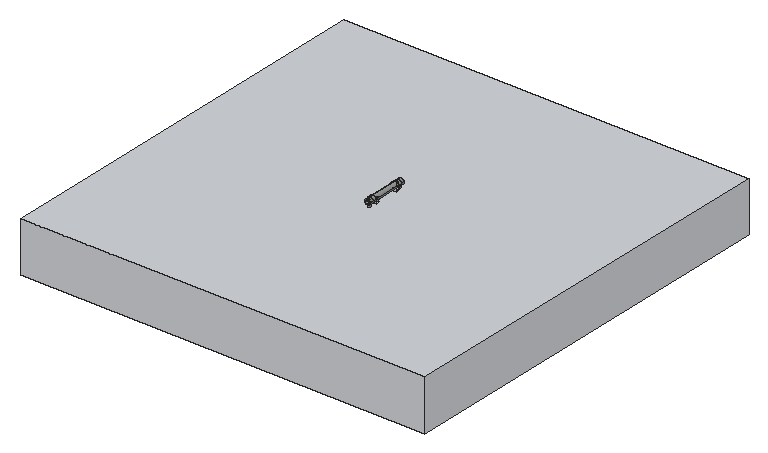
Revit family "L-line A 0.25", category Осветительные приборы, Revit 2017
Family settings
  Основа = Грань
  Размер круглого соединителя = Использовать диаметр
  Тип детали = Нормальный
  При загрузке вырезать с полостями = Нет
  Источник света = Да
  Общий = Нет
  Точка расчета площади = Нет
Parameters (values of type "L-line A 0.25 3.0 Д (матовый)")
  Расстояние от светильника до поверхности = 55.991 mm
  Описание = "Светодиодный светильник L-line A 0,25 предназначен для архитектурной подсветки зданий и сооружений различного назначения. Модули L-line A могут соединяться между собой в непрерывные линии длиной до 12 метров, что позволяет получить равномерную засветку по всей длине подключенных светильников. Соединение модулей осуществляется при помощи герметичных коннекторов."
  Lamp = ""
  Кривая сил света = "Д"
  Комментарии к типоразмеру = "Архитектурные"
  Wattage Comments = ""
  Wattage = 5.14333 W
  built-in parameter 1150110 = 1 (stored number, unit not read)
  built-in parameter 1114217 = 1 (stored number, unit not read)
  Tilt Angle = 90.00°
  built-in parameter 1150109 = 1 (stored number, unit not read)
  built-in parameter 1150134 = (empty or 0)
  built-in parameter 1150113 = 1 (stored number, unit not read)
  Файл фотометрической сетки = "L-line A 0.25-7-D-3.0K-03.ies"
  built-in parameter 1150142 = "IESNA:LM-63-1995\r\n[TEST]LEDEL\r\n[DATA]28.10.2017\r\n[MANUFAC]LEDEL\r\n[LUMCAT]L-line A 0.25/7/Д/3.0K/03\r\n[LUMINAIRE]Предназначен  для  архитектурной и декоративной  подсветки\r\n[LAMPCAT]LED\r\n[LAMP]OSRAM DURIS \r\nTILT=NONE\r\n\r\n\r\n1 764  0.2761113118901  37 19 1 2 0.25 0.042 0.043\r\n\r\n1 1 7.2\r\n\r\n 0 2.5 5 7.5 10 12.5 15 17.5 20 22.5 25 27.5 30 32.5 35 37.5 40 42.5 45 47.5\r\n 50 52.5 55 57.5 60 62.5 65 67.5 70 72.5 75 77.5 80 82.5 85 87.5 90\r\n\r\n  0 10 20 30 40 50 60 70 80 90 100 110 120 130 140 150\r\n  160 170 180\r\n\r\n  819 818 817 812 806 800 789 778 765 751 734 717 699 679 658\r\n  637 616 591 568 544 521 496 469 446 421 396 372 347 324 300\r\n  277 257 234 216 195 177 160\r\n  819 819 817 812 810 803 795 787 775 765 754 740 726 711 696\r\n  679 663 643 626 607 586 567 548 529 511 491 469 446 422 400\r\n  378 355 337 317 299 281 263\r\n  808 806 806 803 797 792 784 776 765 755 742 729 714 700 683\r\n  667 649 630 611 591 570 551 528 509 487 468 447 425 403 384\r\n  362 343 321 303 283 264 248\r\n  800 800 797 795 789 784 774 764 755 743 729 715 700 681 665\r\n  647 629 609 586 566 547 526 507 484 466 444 422 402 381 360\r\n  338 319 299 280 263 244 229\r\n  811 811 809 804 799 793 783 773 762 748 734 719 702 685 666\r\n  644 625 602 582 560 536 515 492 466 445 421 400 378 354 333\r\n  312 292 271 251 232 215 198\r\n  819 818 817 812 806 800 789 778 765 751 734 717 699 679 658\r\n  637 616 591 568 544 521 496 469 446 421 396 372 347 324 300\r\n  277 257 234 216 195 177 160\r\n  820 819 818 812 806 800 789 778 764 748 732 714 693 674 652\r\n  629 606 578 556 528 502 477 450 422 395 368 340 313 288 263\r\n  238 214 192 172 151 135 118\r\n  822 821 820 815 809 800 789 777 762 747 729 710 690 667 645\r\n  621 595 567 540 514 485 459 429 402 371 344 313 283 255 226\r\n  200 175 151 128 108 91 76\r\n  825 821 820 815 809 800 788 775 761 745 727 706 685 663 639\r\n  614 588 561 533 504 471 438 410 378 348 317 288 255 224 193\r\n  163 133 107 84 64 46 35\r\n  820 821 818 814 806 797 786 774 759 743 723 705 685 659 636\r\n  610 584 557 527 500 469 441 412 381 351 319 287 253 217 185\r\n  152 120 90 63 39 22 14\r\n  825 822 819 812 805 796 785 771 754 737 720 700 679 655 630\r\n  606 578 552 525 496 469 438 410 379 347 316 285 252 222 189\r\n  159 129 103 80 60 42 31\r\n  822 821 817 811 806 796 786 773 756 739 722 701 682 659 635\r\n  611 586 559 533 504 477 448 419 390 360 330 300 271 241 216\r\n  188 162 138 118 99 83 66\r\n  820 819 815 810 803 795 784 771 756 740 723 707 688 665 642\r\n  619 597 572 545 518 493 466 438 411 383 355 329 301 274 250\r\n  225 203 181 161 141 126 109\r\n  819 818 814 810 803 795 786 773 759 746 731 714 694 674 655\r\n  633 611 587 563 540 515 488 463 437 412 386 362 338 313 289\r\n  267 247 225 206 187 169 152\r\n  811 811 806 802 795 788 779 770 756 743 729 713 696 677 658\r\n  638 617 595 573 550 528 504 480 458 433 411 387 364 343 320\r\n  299 279 258 240 222 203 186\r\n  800 800 800 795 787 780 773 765 756 741 723 708 693 677 658\r\n  641 619 599 579 558 536 515 493 472 452 429 408 386 367 345\r\n  324 306 288 267 249 231 215\r\n  808 807 805 803 797 789 783 774 764 753 739 727 712 697 680\r\n  660 642 623 604 584 562 541 521 499 477 455 435 413 393 373\r\n  353 332 313 292 274 257 240\r\n  819 819 817 812 810 803 795 786 774 763 753 739 726 708 693\r\n  675 658 641 620 601 583 562 540 519 499 477 454 435 413 390\r\n  370 349 329 311 294 274 256\r\n  819 818 814 810 803 795 786 773 759 746 731 714 694 674 655\r\n  633 611 587 563 540 515 488 463 437 412 386 362 338 313 289\r\n  267 247 225 206 187 169 152\r\n\r\n"
  built-in parameter 1150105 = 60.797 (stored number, unit not read)
  Lumens = 764 lm
  built-in parameter 1150115 = 1 (stored number, unit not read)
  built-in parameter 1150137 = (empty or 0)
  built-in parameter 1150139 = (empty or 0)
  built-in parameter 1150112 = 1 (stored number, unit not read)
  built-in parameter 1150114 = 1 (stored number, unit not read)
  built-in parameter 1150132 = 2
  Классификация нагрузок = Освещение
  built-in parameter 1150102 = (empty or 0)
  built-in parameter 1150107 = 3000 (stored number, unit not read)
  built-in parameter 1150138 = (empty or 0)
  built-in parameter 1150106 = 0.60797 (stored number, unit not read)
  Emit from Rectangle Width = 32 mm
  Emit from Rectangle Length = 250 mm
  Изготовитель = "LEDEL"
  Длина профиля = Emit from Rectangle Length  # 250 mm
  Emit Shape Visible in Rendering = no
  built-in parameter 1150104 = 13.8 (stored number, unit not read)
  Dimming Lamp Color Temperature Shift = (empty or 0)
  Default Elevation = 1219.2 mm
  Color Filter = 16777215
  built-in parameter 1114218 = 1 (stored number, unit not read)
  built-in parameter 1150133 = 10 (stored number, unit not read)
  Apparent Load = 7.2 VA  # constant formula
  Артикул = "711100700833100"
Reference planes
  plane 1 "Center (Front/Back)": y = 0
  plane 2: z = 0
  plane 3 "Center (Left/Right)": x = 0
Forms (mm)
  Extrusion 1, solid
    sketch origin (0, 0, 0) x (1, 0, 0) y (0, 1, 0)
      loop
        line (-1219.2, 1219.2) -> (-1219.2, -1219.2) -> (1219.2, -1219.2) -> (1219.2, 1219.2) -> (-1219.2, 1219.2)
    from 0 to -304.8
Dimensions and locks
  "Расстояние от светильника до поверхности": imposter light to Extrusion 1
  aligned and locked: plane 2 to Extrusion 1
  aligned and locked: level to Extrusion 1
Automatic sketch dimensions
  Extrusion 1 sketch curve to Extrusion 1 sketch curve = 2438.4 mm  (x2)
Nested families
  nested 1: "L-line A_body" at (0, 0, 0), type "L-line A_body"
    with Расстояние от светильника до плоскости 55.991 mm
Connectors
  electrical at (0, 0, 0), driven by "Apparent Load"
    settings: on Extrusion 1, index 1, voltage 230 V, apparent load 0 VA, apparent load phase1 7.2 VA, apparent load phase2 0 VA, apparent load phase3 0 VA, power factor 1, load classification "Прочее", number of poles 1, system type 31, power factor state 1, is connector primary yes, connector utility no, sub classification motor no, connector description ""
Definition of nested family "L-line A_body"
  Parameters (values of type "L-line A_body")
    Расстояние от светильника до плоскости = 150 mm
    Default Elevation = 1219.2 mm
    Начало выдавливания = Длина профиля / 2 * (-1)  # -125 mm
    Конец выдавливания = Длина профиля / 2  # 125 mm
    Драйвер, начальная точка = Длина профиля / (-2) + 2.5 mm  # -122.5 mm
    Драйвер, конечная точка = Длина профиля / 2 - 2.5 mm  # 122.5 mm
    Длина профиля = 250 mm
  Reference planes
    plane 1 "По центру (Вперед/Назад)": y = 0
    plane 2: z = 0
    plane 3 "По центру (Влево/Вправо)": x = 0
    plane 4 "Плоскость расположения светильника": z = 150
  Forms (mm)
    Extrusion 1, solid
      sketch origin (0, 0, 0) x (1, 0, 0) y (0, 1, 0)
        loop
          line (-1219.2, 1219.2) -> (-1219.2, -1219.2) -> (1219.2, -1219.2) -> (1219.2, 1219.2) -> (-1219.2, 1219.2)
      from 0 to -304.8
    Extrusion 2, solid
      sketch origin (-0.012, 0, 76.46) x (0, 0, 1) y (1, 0, 0)
        loop
          line (57.295, 0) -> (57.295, 14.224) -> (55.737, 14.224) -> (55.737, -14.176) -> (57.295, -14.176) -> (57.295, 0)
      from -122.5 <- "Драйвер, начальная точка" to 122.5 <- "Драйвер, конечная точка"
    Extrusion 3, solid
      sketch origin (-0.012, 0.083, 76.46) x (-1, 0, 0) y (0, 0, -1)
        loop
          circle (0, -56.539) r 16
        loop
          circle (0, -56.539) r 15
      from -125 <- "Начало выдавливания" to 125 <- "Конец выдавливания"
    Extrusion 4, solid
      sketch origin (-0.012, -122.5, 76.46) x (0, 0, -1) y (1, 0, 0)
        loop
          circle (-56.516, 0.024) r 17.4
        loop
          circle (-56.527, 0) r 16
      from -33.5 to -17.9
    Extrusion 5, solid
      sketch origin (-0.012, 122.5, 76.46) x (0, 0, 1) y (1, 0, 0)
        loop
          circle (56.516, 0.024) r 17.4
        loop
          circle (56.527, 0) r 16
      from -33.5 to -17.9
    Extrusion 6, solid
      sketch origin (-14.187, 0, 132.196) x (0, -1, 0) y (-1, 0, 0)
        loop
          circle (-115.7, -14.176) r 6.8
        loop
          circle (115.7, -14.176) r 6.8
      from 30 to 13
    Extrusion 7, solid
      sketch origin (-0.012, 125.083, 76.46) x (1, 0, 0) y (0, 0, -1)
        loop
          line (-17.974, -30.697) -> (-17.974, -33.843)
          arc (-17.974, -33.843) -> (-18.273, -34.564) -> (-18.993, -34.863) r 1.019
          line (-18.993, -34.863) -> (-19.884, -34.863)
          arc (-19.884, -34.863) -> (-20.613, -35.165) -> (-20.916, -35.895) r 1.032
          line (-20.916, -35.895) -> (-20.916, -38.827)
          arc (-20.916, -38.827) -> (-20.612, -39.559) -> (-19.88, -39.863) r 1.036
          line (-19.88, -39.863) -> (-18.974, -39.863)
          arc (-18.974, -39.863) -> (-18.267, -40.156) -> (-17.974, -40.863) r 1
          line (-17.974, -40.863) -> (-17.974, -47.034)
          arc (-17.974, -47.034) -> (-18.248, -47.869) -> (-18.963, -48.381) r 1.413
          arc (-18.963, -48.381) -> (-19.382, -48.8) -> (-18.963, -49.22) r 0.419
          arc (-18.963, -49.22) -> (-18.248, -49.731) -> (-17.974, -50.567) r 1.413
          line (-17.974, -50.567) -> (-17.925, -55.697)
          arc (-17.925, -55.697) -> (-17.113, -59.518) -> (-15.495, -63.074) r 18
          arc (-15.495, -63.074) -> (-15.394, -63.827) -> (-15.866, -64.423) r 0.971
          arc (-15.866, -64.423) -> (-16.042, -64.842) -> (-15.778, -65.212) r 0.466
          line (-15.778, -65.212) -> (-14.225, -63.863)
          arc (-14.225, -63.863) -> (-13.66, -48.207) -> (0, -40.539) r 16
          arc (0, -40.539) -> (13.66, -48.207) -> (14.225, -63.863) r 16
          line (14.225, -63.863) -> (15.778, -65.212)
          arc (15.778, -65.212) -> (16.042, -64.842) -> (15.866, -64.423) r 0.466
          arc (15.866, -64.423) -> (15.394, -63.827) -> (15.495, -63.074) r 0.971
          arc (15.495, -63.074) -> (17.113, -59.518) -> (17.974, -55.697) r 18
          line (17.974, -55.697) -> (17.974, -50.567)
          arc (17.974, -50.567) -> (18.248, -49.731) -> (18.963, -49.22) r 1.413
          arc (18.963, -49.22) -> (19.382, -48.8) -> (18.963, -48.381) r 0.419
          arc (18.963, -48.381) -> (18.248, -47.869) -> (17.974, -47.034) r 1.413
          line (17.974, -47.034) -> (17.974, -40.863)
          arc (17.974, -40.863) -> (18.267, -40.156) -> (18.974, -39.863) r 1
          line (18.974, -39.863) -> (19.867, -39.863)
          arc (19.867, -39.863) -> (20.599, -39.559) -> (20.903, -38.827) r 1.036
          line (20.903, -38.827) -> (20.903, -35.895)
          arc (20.903, -35.895) -> (20.601, -35.165) -> (19.871, -34.863) r 1.032
          line (19.871, -34.863) -> (18.993, -34.863)
          arc (18.993, -34.863) -> (18.273, -34.564) -> (17.974, -33.843) r 1.019
          line (17.974, -33.843) -> (17.974, -30.697) -> (0, -30.697) -> (-17.974, -30.697)
      from -43.6 to -55.6
    Extrusion 8, solid
      sketch origin (-0.012, -124.917, 76.46) x (-1, 0, 0) y (0, 0, -1)
        loop
          line (17.974, -30.697) -> (0, -30.697) -> (-17.974, -30.697) -> (-17.974, -33.843)
          arc (-17.974, -33.843) -> (-18.273, -34.564) -> (-18.993, -34.863) r 1.019
          line (-18.993, -34.863) -> (-19.871, -34.863)
          arc (-19.871, -34.863) -> (-20.601, -35.165) -> (-20.903, -35.895) r 1.032
          line (-20.903, -35.895) -> (-20.903, -38.827)
          arc (-20.903, -38.827) -> (-20.599, -39.559) -> (-19.867, -39.863) r 1.036
          line (-19.867, -39.863) -> (-18.974, -39.863)
          arc (-18.974, -39.863) -> (-18.267, -40.156) -> (-17.974, -40.863) r 1
          line (-17.974, -40.863) -> (-17.974, -47.034)
          arc (-17.974, -47.034) -> (-18.248, -47.869) -> (-18.963, -48.381) r 1.413
          arc (-18.963, -48.381) -> (-19.382, -48.8) -> (-18.963, -49.22) r 0.419
          arc (-18.963, -49.22) -> (-18.248, -49.731) -> (-17.974, -50.567) r 1.413
          line (-17.974, -50.567) -> (-17.974, -55.697)
          arc (-17.974, -55.697) -> (-17.113, -59.518) -> (-15.495, -63.074) r 18
          arc (-15.495, -63.074) -> (-15.394, -63.827) -> (-15.866, -64.423) r 0.971
          arc (-15.866, -64.423) -> (-16.042, -64.842) -> (-15.778, -65.212) r 0.466
          line (-15.778, -65.212) -> (-14.225, -63.863)
          arc (-14.225, -63.863) -> (-13.66, -48.207) -> (0, -40.539) r 16
          arc (0, -40.539) -> (13.66, -48.207) -> (14.225, -63.863) r 16
          line (14.225, -63.863) -> (15.778, -65.212)
          arc (15.778, -65.212) -> (16.042, -64.842) -> (15.866, -64.423) r 0.466
          arc (15.866, -64.423) -> (15.394, -63.827) -> (15.495, -63.074) r 0.971
          arc (15.495, -63.074) -> (17.113, -59.518) -> (17.925, -55.697) r 18
          line (17.925, -55.697) -> (17.974, -50.567)
          arc (17.974, -50.567) -> (18.248, -49.731) -> (18.963, -49.22) r 1.413
          arc (18.963, -49.22) -> (19.382, -48.8) -> (18.963, -48.381) r 0.419
          arc (18.963, -48.381) -> (18.248, -47.869) -> (17.974, -47.034) r 1.413
          line (17.974, -47.034) -> (17.974, -40.863)
          arc (17.974, -40.863) -> (18.267, -40.156) -> (18.974, -39.863) r 1
          line (18.974, -39.863) -> (19.88, -39.863)
          arc (19.88, -39.863) -> (20.612, -39.559) -> (20.916, -38.827) r 1.036
          line (20.916, -38.827) -> (20.916, -35.895)
          arc (20.916, -35.895) -> (20.613, -35.165) -> (19.884, -34.863) r 1.032
          line (19.884, -34.863) -> (18.993, -34.863)
          arc (18.993, -34.863) -> (18.273, -34.564) -> (17.974, -33.843) r 1.019
          line (17.974, -33.843) -> (17.974, -30.697)
      from -43.6 to -55.6
  Cuts and joins
    joined: Extrusion 3, Extrusion 6
  Dimensions and locks
    "Расстояние от светильника до плоскости": plane 4 "Плоскость расположения светильника" to Extrusion 1
    aligned and locked: plane 2 to Extrusion 1
    aligned and locked: level to Extrusion 1
  Automatic sketch dimensions
    Extrusion 1 sketch curve to Extrusion 1 sketch curve = 2438.4 mm  (x2)
    Extrusion 3 sketch curve to plane 3 "По центру (Влево/Вправо)" = 0.012 mm
    Extrusion 3 sketch curve to plane 4 "Плоскость расположения светильника" = 17.002 mm
    Extrusion 3 sketch curve to Extrusion 3 sketch curve = 0 mm  (x2)
    Extrusion 2 sketch curve to plane 4 "Плоскость расположения светильника" = 17.804 mm
    Extrusion 2 sketch curve to Extrusion 2 sketch curve = 1.558 mm
    Extrusion 2 sketch curve to plane 3 "По центру (Влево/Вправо)" = 14.187 mm
    Extrusion 2 sketch curve to plane 3 "По центру (Влево/Вправо)" = 0.012 mm
    plane 3 "По центру (Влево/Вправо)" to Extrusion 2 sketch curve = 14.213 mm
    Extrusion 6 sketch curve to Extrusion 2 = 6.8 mm  (x2)
    Extrusion 2 to Extrusion 6 sketch curve = 14.176 mm  (x2)
    Extrusion 7 sketch curve to Extrusion 7 sketch curve = 0 mm  (x11)
    Extrusion 7 sketch curve to Extrusion 7 sketch curve = 0.016 mm
    Extrusion 7 sketch curve to Extrusion 7 sketch curve = 14.225 mm  (x2)
    Extrusion 7 sketch curve to Extrusion 7 sketch curve = 1.353 mm  (x2)
    Extrusion 7 sketch curve to Extrusion 7 sketch curve = 0.199 mm  (x2)
    Extrusion 7 sketch curve to Extrusion 7 sketch curve = 0.751 mm  (x2)
    Extrusion 7 sketch curve to Extrusion 7 sketch curve = 17.974 mm  (x2)
    Extrusion 7 sketch curve to Extrusion 7 sketch curve = 0.989 mm  (x2)
    Extrusion 7 sketch curve to Extrusion 7 sketch curve = 1 mm  (x2)
    Extrusion 7 sketch curve to Extrusion 7 sketch curve = 1.019 mm  (x2)
    Extrusion 7 sketch curve to Extrusion 7 sketch curve = 1.413 mm  (x2)
    Extrusion 7 sketch curve to Extrusion 7 sketch curve = 0.424 mm  (x2)
    Extrusion 7 sketch curve to Extrusion 7 sketch curve = 0.905 mm
    Extrusion 7 sketch curve to Extrusion 7 sketch curve = 0.89 mm
    Extrusion 7 sketch curve to Extrusion 7 sketch curve = 1.032 mm
    Extrusion 7 sketch curve to Extrusion 7 sketch curve = 0.033 mm
    Extrusion 7 sketch curve to Extrusion 7 sketch curve = 0.893 mm
    Extrusion 7 sketch curve to Extrusion 7 sketch curve = 0.878 mm
    Extrusion 7 sketch curve to Extrusion 7 sketch curve = 1.036 mm
    Extrusion 7 sketch curve to Extrusion 7 sketch curve = 0.928 mm  (x2)
    Extrusion 7 sketch curve to Extrusion 7 sketch curve = 0.422 mm  (x2)
    Extrusion 7 sketch curve to Extrusion 7 sketch curve = 1.22 mm  (x2)
    Extrusion 7 sketch curve to Extrusion 7 sketch curve = 2.652 mm
    Extrusion 7 sketch curve to Extrusion 7 sketch curve = 13.003 mm  (x2)
    Extrusion 7 sketch curve to Extrusion 7 sketch curve = 0.419 mm  (x2)
    Extrusion 7 sketch curve to Extrusion 7 sketch curve = 6.171 mm  (x2)
    Extrusion 7 sketch curve to Extrusion 7 sketch curve = 2.932 mm  (x2)
    Extrusion 7 sketch curve to Extrusion 7 sketch curve = 3.147 mm
    Extrusion 7 sketch curve to Extrusion 7 sketch curve = 0.835 mm  (x2)
    Extrusion 7 sketch curve to Extrusion 7 sketch curve = 0.049 mm  (x2)
    Extrusion 8 sketch curve to Extrusion 8 sketch curve = 0 mm  (x11)
    Extrusion 8 sketch curve to Extrusion 8 sketch curve = 0.016 mm
    Extrusion 8 sketch curve to Extrusion 8 sketch curve = 14.225 mm  (x2)
    Extrusion 8 sketch curve to Extrusion 8 sketch curve = 1.353 mm  (x2)
    Extrusion 8 sketch curve to Extrusion 8 sketch curve = 0.199 mm  (x2)
    Extrusion 8 sketch curve to Extrusion 8 sketch curve = 0.751 mm  (x2)
    Extrusion 8 sketch curve to Extrusion 8 sketch curve = 17.974 mm  (x2)
    Extrusion 8 sketch curve to Extrusion 8 sketch curve = 0.989 mm  (x2)
    Extrusion 8 sketch curve to Extrusion 8 sketch curve = 1 mm  (x2)
    Extrusion 8 sketch curve to Extrusion 8 sketch curve = 1.019 mm  (x2)
    Extrusion 8 sketch curve to Extrusion 8 sketch curve = 0.424 mm  (x2)
    Extrusion 8 sketch curve to Extrusion 8 sketch curve = 0.893 mm
    Extrusion 8 sketch curve to Extrusion 8 sketch curve = 0.878 mm
    Extrusion 8 sketch curve to Extrusion 8 sketch curve = 1.032 mm  (x2)
    Extrusion 8 sketch curve to Extrusion 8 sketch curve = 0.033 mm
    Extrusion 8 sketch curve to Extrusion 8 sketch curve = 1.413 mm  (x2)
    Extrusion 8 sketch curve to Extrusion 8 sketch curve = 0.905 mm
    Extrusion 8 sketch curve to Extrusion 8 sketch curve = 0.89 mm
    Extrusion 8 sketch curve to Extrusion 8 sketch curve = 0.928 mm  (x2)
    Extrusion 8 sketch curve to Extrusion 8 sketch curve = 0.422 mm  (x2)
    Extrusion 8 sketch curve to Extrusion 8 sketch curve = 1.22 mm  (x2)
    Extrusion 8 sketch curve to Extrusion 8 sketch curve = 2.652 mm
    Extrusion 8 sketch curve to Extrusion 8 sketch curve = 13.003 mm  (x2)
    Extrusion 8 sketch curve to Extrusion 8 sketch curve = 0.419 mm  (x2)
    Extrusion 8 sketch curve to Extrusion 8 sketch curve = 6.171 mm  (x2)
    Extrusion 8 sketch curve to Extrusion 8 sketch curve = 2.932 mm  (x2)
    Extrusion 8 sketch curve to Extrusion 8 sketch curve = 3.147 mm
    Extrusion 8 sketch curve to Extrusion 8 sketch curve = 0.835 mm  (x2)
    Extrusion 8 sketch curve to Extrusion 8 sketch curve = 0.049 mm  (x2)
    Extrusion 2 to Extrusion 4 sketch curve = 0.779 mm
    Extrusion 4 sketch curve to Extrusion 4 sketch curve = 0.011 mm
    Extrusion 2 to Extrusion 4 sketch curve = 14.176 mm
    Extrusion 4 sketch curve to Extrusion 4 sketch curve = 0.024 mm
    Extrusion 5 sketch curve to Extrusion 2 = 0.779 mm
    Extrusion 5 sketch curve to Extrusion 5 sketch curve = 0.011 mm
    Extrusion 5 sketch curve to Extrusion 2 = 14.176 mm
    Extrusion 5 sketch curve to Extrusion 5 sketch curve = 0.024 mm
    radius of Extrusion 3 sketch curve = 16 mm
    radius of Extrusion 3 sketch curve = 15 mm
    radius of Extrusion 6 sketch curve = 6.8 mm  (x2)
    radius of Extrusion 7 sketch curve to Extrusion 3 = 0 mm
    radius of Extrusion 8 sketch curve to Extrusion 3 = 0 mm
    radius of Extrusion 4 sketch curve = 17.4 mm
    radius of Extrusion 4 sketch curve = 16 mm
    radius of Extrusion 5 sketch curve = 17.4 mm
    radius of Extrusion 5 sketch curve = 16 mm
Types (6, lengths in mm): name | Расстояние от светильника до поверхности | Wattage | built-in parameter 1150134 | Файл фотометрической сетки | built-in parameter 1150142 | built-in parameter 1150105 | Lumens | built-in parameter 1150107 | built-in parameter 1150106 | Артикул
  L-line A 0.25 3.0К Д (прозрачный) | 55.991 | 5.71556 W | (empty or 0) | "L-line A 0.25-7-D-3.0K-01.ies" | "IESNA:LM-63-1995\r\n[TEST]LEDEL\r\n[DATA]28.10.2017\r\n[MANUFAC]LEDEL\r\n[LUMCAT]L-line A 0.25/7/Д/3.0K/01 \r\n[LUMINAIRE]Предназначен  для  архитектурной и декоративной  подсветки\r\n[LAMPCAT]LED\r\n[LAMP]OSRAM DURIS \r\nTILT=NONE\r\n\r\n1 849 0.306277056277 37 19 1 2  0.250  0.042  0.043\r\n\r\n1 1 7.2\r\n\r\n 0 2.5 5 7.5 10 12.5 15 17.5 20 22.5 25 27.5 30 32.5 35 37.5 40 42.5 45 47.5 50 52.5 55 57.5 60 62.5 65 67.5 70 72.5 75 77.5 80 82.5\r\n 85 87.5 90\r\n\r\n  0 10 20 30 40 50 60 70 80 90 100 110 120 130 140 150\r\n  160 170 180\r\n\r\n   1044 1046 1045 1048 1020 972 953 982 989 981 961 952 945 925 893\r\n  843 814 794 790 789 760 696 633 589 576 550 509 435 385 349\r\n  310 259 205 156 98 63 43\r\n  1042 1000 951 944 975 1003 992 973 942 903 876 851 833 815 789\r\n  740 705 667 626 622 575 523 477 425 404 356 294 255 208 156\r\n  110 78 54 35 25 20 15\r\n  1049 1022 970 945 958 992 1003 985 964 929 893 867 841 822 803\r\n  772 725 690 650 614 604 580 518 463 406 381 335 274 236 186\r\n  132 91 62 43 28 21 15\r\n  1049 1039 996 951 941 962 992 993 973 951 914 872 844 815 795\r\n  773 743 692 658 618 570 556 527 466 419 367 340 290 234 197\r\n  148 102 69 47 31 22 18\r\n  1049 1043 1011 964 940 943 966 987 977 951 926 885 844 810 774\r\n  747 718 692 650 610 573 528 510 488 419 367 316 295 242 191\r\n  154 106 67 46 30 21 18\r\n  1049 1042 1012 971 938 926 934 949 961 957 934 903 865 815 770\r\n  740 712 687 666 646 602 553 511 466 438 418 351 285 239 199\r\n  150 112 70 43 30 21 17\r\n  1048 1047 1035 1010 975 942 917 904 906 912 917 898 861 828 806\r\n  776 732 687 651 623 592 552 516 459 411 351 312 281 212 164\r\n  131 94 65 37 26 19 15\r\n  1047 1044 1041 1030 1011 989 953 923 892 866 833 811 803 805 810\r\n  802 772 739 700 658 599 542 495 446 397 355 306 250 200 171\r\n  137 94 67 43 25 18 13\r\n  1048 1044 1040 1034 1025 1016 1001 983 960 926 879 835 799 774 745\r\n  708 674 646 615 592 569 545 518 488 435 370 302 235 187 143\r\n  120 91 58 37 21 14 13\r\n  1047 1043 1040 1033 1024 1016 1002 989 974 945 907 879 860 850 836\r\n  806 770 737 702 669 622 577 527 477 425 372 318 259 206 161\r\n  132 79 44 27 14 11 9\r\n  1048 1044 1042 1034 1025 1016 1001 984 961 927 881 836 800 774 745\r\n  709 675 647 617 592 569 546 519 489 436 372 304 236 190 144\r\n  121 92 56 38 22 14 12\r\n  1047 1045 1041 1030 1011 989 954 923 892 866 836 811 803 805 810\r\n  802 773 739 702 659 602 543 495 447 398 355 307 251 200 172\r\n  139 95 68 43 25 18 14\r\n  1048 1047 1036 1010 977 943 918 904 904 911 915 899 862 829 806\r\n  778 734 688 652 624 592 553 517 460 412 353 311 283 214 165\r\n  131 95 67 37 26 19 17\r\n  1049 1042 1014 972 938 926 934 948 961 957 934 903 867 816 772\r\n  741 712 688 666 647 604 554 513 467 437 419 354 287 240 200\r\n  151 113 71 43 30 21 17\r\n  1049 1044 1013 965 940 942 966 986 977 951 927 886 843 811 775\r\n  747 718 693 653 611 573 529 511 490 420 369 317 295 244 192\r\n  157 108 69 46 30 21 18\r\n  1049 1040 998 952 942 961 992 994 973 952 914 873 845 816 797\r\n  774 743 693 659 620 570 556 529 467 421 369 340 292 236 199\r\n  151 103 71 47 31 22 18\r\n  1049 1023 973 945 958 991 1004 985 965 930 893 868 841 823 803\r\n  773 726 691 652 615 606 581 519 465 407 382 335 275 239 187\r\n  134 92 63 43 28 21 17\r\n  1042 1002 952 944 974 1003 992 973 942 903 877 852 833 815 789\r\n  741 707 668 629 622 577 524 478 425 404 358 294 256 209 158\r\n  110 78 54 36 25 20 15\r\n  1044 1045 1045 1048 1020 974 953 982 989 981 961 953 945 926 893\r\n  843 814 795 790 789 760 696 633 587 576 549 509 433 385 350\r\n  310 258 205 156 98 62 43\r\n\r" | 67.561 (stored number, unit not read) | 849 lm | 3000 (stored number, unit not read) | 0.67561 (stored number, unit not read) | "800013"
  L-line A 0.25 4.0К Д (прозрачный) | 55.991 | 5.71556 W | 12 | "L-line A 0.25-7-D-4.0K-01.ies" | "IESNA:LM-63-1995\r\n[TEST]LEDEL\r\n[DATA]28.10.2017\r\n[MANUFAC]LEDEL\r\n[LUMCAT]L-line A 0.25/7/Д/4.0K/01 \r\n[LUMINAIRE]Предназначен  для  архитектурной и декоративной  подсветки\r\n[LAMPCAT]LED\r\n[LAMP]OSRAM DURIS \r\nTILT=NONE\r\n\r\n1 849 0.306277056277 37 19 1 2  0.250  0.042  0.043\r\n\r\n1 1 7.2\r\n\r\n 0 2.5 5 7.5 10 12.5 15 17.5 20 22.5 25 27.5 30 32.5 35 37.5 40 42.5 45 47.5 50 52.5 55 57.5 60 62.5 65 67.5 70 72.5 75 77.5 80 82.5\r\n 85 87.5 90\r\n\r\n  0 10 20 30 40 50 60 70 80 90 100 110 120 130 140 150\r\n  160 170 180\r\n\r\n   1044 1046 1045 1048 1020 972 953 982 989 981 961 952 945 925 893\r\n  843 814 794 790 789 760 696 633 589 576 550 509 435 385 349\r\n  310 259 205 156 98 63 43\r\n  1042 1000 951 944 975 1003 992 973 942 903 876 851 833 815 789\r\n  740 705 667 626 622 575 523 477 425 404 356 294 255 208 156\r\n  110 78 54 35 25 20 15\r\n  1049 1022 970 945 958 992 1003 985 964 929 893 867 841 822 803\r\n  772 725 690 650 614 604 580 518 463 406 381 335 274 236 186\r\n  132 91 62 43 28 21 15\r\n  1049 1039 996 951 941 962 992 993 973 951 914 872 844 815 795\r\n  773 743 692 658 618 570 556 527 466 419 367 340 290 234 197\r\n  148 102 69 47 31 22 18\r\n  1049 1043 1011 964 940 943 966 987 977 951 926 885 844 810 774\r\n  747 718 692 650 610 573 528 510 488 419 367 316 295 242 191\r\n  154 106 67 46 30 21 18\r\n  1049 1042 1012 971 938 926 934 949 961 957 934 903 865 815 770\r\n  740 712 687 666 646 602 553 511 466 438 418 351 285 239 199\r\n  150 112 70 43 30 21 17\r\n  1048 1047 1035 1010 975 942 917 904 906 912 917 898 861 828 806\r\n  776 732 687 651 623 592 552 516 459 411 351 312 281 212 164\r\n  131 94 65 37 26 19 15\r\n  1047 1044 1041 1030 1011 989 953 923 892 866 833 811 803 805 810\r\n  802 772 739 700 658 599 542 495 446 397 355 306 250 200 171\r\n  137 94 67 43 25 18 13\r\n  1048 1044 1040 1034 1025 1016 1001 983 960 926 879 835 799 774 745\r\n  708 674 646 615 592 569 545 518 488 435 370 302 235 187 143\r\n  120 91 58 37 21 14 13\r\n  1047 1043 1040 1033 1024 1016 1002 989 974 945 907 879 860 850 836\r\n  806 770 737 702 669 622 577 527 477 425 372 318 259 206 161\r\n  132 79 44 27 14 11 9\r\n  1048 1044 1042 1034 1025 1016 1001 984 961 927 881 836 800 774 745\r\n  709 675 647 617 592 569 546 519 489 436 372 304 236 190 144\r\n  121 92 56 38 22 14 12\r\n  1047 1045 1041 1030 1011 989 954 923 892 866 836 811 803 805 810\r\n  802 773 739 702 659 602 543 495 447 398 355 307 251 200 172\r\n  139 95 68 43 25 18 14\r\n  1048 1047 1036 1010 977 943 918 904 904 911 915 899 862 829 806\r\n  778 734 688 652 624 592 553 517 460 412 353 311 283 214 165\r\n  131 95 67 37 26 19 17\r\n  1049 1042 1014 972 938 926 934 948 961 957 934 903 867 816 772\r\n  741 712 688 666 647 604 554 513 467 437 419 354 287 240 200\r\n  151 113 71 43 30 21 17\r\n  1049 1044 1013 965 940 942 966 986 977 951 927 886 843 811 775\r\n  747 718 693 653 611 573 529 511 490 420 369 317 295 244 192\r\n  157 108 69 46 30 21 18\r\n  1049 1040 998 952 942 961 992 994 973 952 914 873 845 816 797\r\n  774 743 693 659 620 570 556 529 467 421 369 340 292 236 199\r\n  151 103 71 47 31 22 18\r\n  1049 1023 973 945 958 991 1004 985 965 930 893 868 841 823 803\r\n  773 726 691 652 615 606 581 519 465 407 382 335 275 239 187\r\n  134 92 63 43 28 21 17\r\n  1042 1002 952 944 974 1003 992 973 942 903 877 852 833 815 789\r\n  741 707 668 629 622 577 524 478 425 404 358 294 256 209 158\r\n  110 78 54 36 25 20 15\r\n  1044 1045 1045 1048 1020 974 953 982 989 981 961 953 945 926 893\r\n  843 814 795 790 789 760 696 633 587 576 549 509 433 385 350\r\n  310 258 205 156 98 62 43\r\n\r" | 67.561 (stored number, unit not read) | 849 lm | 4000 (stored number, unit not read) | 0.67561 (stored number, unit not read) | "800012"
  L-line A 0.25 5.0К Д (прозрачный) | 55.991 | 5.71556 W | 2 | "L-line A 0.25-7-D-5.0K-01.ies" | "IESNA:LM-63-1995\r\n[TEST]LEDEL\r\n[DATA]28.10.2017\r\n[MANUFAC]LEDEL\r\n[LUMCAT]L-line A 0.25/7/Д/5.0K/01 \r\n[LUMINAIRE]Предназначен  для  архитектурной и декоративной  подсветки\r\n[LAMPCAT]LED\r\n[LAMP]OSRAM DURIS \r\nTILT=NONE\r\n\r\n1 849 0.306277056277 37 19 1 2  0.250  0.042  0.043\r\n\r\n1 1 7.2\r\n\r\n 0 2.5 5 7.5 10 12.5 15 17.5 20 22.5 25 27.5 30 32.5 35 37.5 40 42.5 45 47.5 50 52.5 55 57.5 60 62.5 65 67.5 70 72.5 75 77.5 80 82.5\r\n 85 87.5 90\r\n\r\n  0 10 20 30 40 50 60 70 80 90 100 110 120 130 140 150\r\n  160 170 180\r\n\r\n   1044 1046 1045 1048 1020 972 953 982 989 981 961 952 945 925 893\r\n  843 814 794 790 789 760 696 633 589 576 550 509 435 385 349\r\n  310 259 205 156 98 63 43\r\n  1042 1000 951 944 975 1003 992 973 942 903 876 851 833 815 789\r\n  740 705 667 626 622 575 523 477 425 404 356 294 255 208 156\r\n  110 78 54 35 25 20 15\r\n  1049 1022 970 945 958 992 1003 985 964 929 893 867 841 822 803\r\n  772 725 690 650 614 604 580 518 463 406 381 335 274 236 186\r\n  132 91 62 43 28 21 15\r\n  1049 1039 996 951 941 962 992 993 973 951 914 872 844 815 795\r\n  773 743 692 658 618 570 556 527 466 419 367 340 290 234 197\r\n  148 102 69 47 31 22 18\r\n  1049 1043 1011 964 940 943 966 987 977 951 926 885 844 810 774\r\n  747 718 692 650 610 573 528 510 488 419 367 316 295 242 191\r\n  154 106 67 46 30 21 18\r\n  1049 1042 1012 971 938 926 934 949 961 957 934 903 865 815 770\r\n  740 712 687 666 646 602 553 511 466 438 418 351 285 239 199\r\n  150 112 70 43 30 21 17\r\n  1048 1047 1035 1010 975 942 917 904 906 912 917 898 861 828 806\r\n  776 732 687 651 623 592 552 516 459 411 351 312 281 212 164\r\n  131 94 65 37 26 19 15\r\n  1047 1044 1041 1030 1011 989 953 923 892 866 833 811 803 805 810\r\n  802 772 739 700 658 599 542 495 446 397 355 306 250 200 171\r\n  137 94 67 43 25 18 13\r\n  1048 1044 1040 1034 1025 1016 1001 983 960 926 879 835 799 774 745\r\n  708 674 646 615 592 569 545 518 488 435 370 302 235 187 143\r\n  120 91 58 37 21 14 13\r\n  1047 1043 1040 1033 1024 1016 1002 989 974 945 907 879 860 850 836\r\n  806 770 737 702 669 622 577 527 477 425 372 318 259 206 161\r\n  132 79 44 27 14 11 9\r\n  1048 1044 1042 1034 1025 1016 1001 984 961 927 881 836 800 774 745\r\n  709 675 647 617 592 569 546 519 489 436 372 304 236 190 144\r\n  121 92 56 38 22 14 12\r\n  1047 1045 1041 1030 1011 989 954 923 892 866 836 811 803 805 810\r\n  802 773 739 702 659 602 543 495 447 398 355 307 251 200 172\r\n  139 95 68 43 25 18 14\r\n  1048 1047 1036 1010 977 943 918 904 904 911 915 899 862 829 806\r\n  778 734 688 652 624 592 553 517 460 412 353 311 283 214 165\r\n  131 95 67 37 26 19 17\r\n  1049 1042 1014 972 938 926 934 948 961 957 934 903 867 816 772\r\n  741 712 688 666 647 604 554 513 467 437 419 354 287 240 200\r\n  151 113 71 43 30 21 17\r\n  1049 1044 1013 965 940 942 966 986 977 951 927 886 843 811 775\r\n  747 718 693 653 611 573 529 511 490 420 369 317 295 244 192\r\n  157 108 69 46 30 21 18\r\n  1049 1040 998 952 942 961 992 994 973 952 914 873 845 816 797\r\n  774 743 693 659 620 570 556 529 467 421 369 340 292 236 199\r\n  151 103 71 47 31 22 18\r\n  1049 1023 973 945 958 991 1004 985 965 930 893 868 841 823 803\r\n  773 726 691 652 615 606 581 519 465 407 382 335 275 239 187\r\n  134 92 63 43 28 21 17\r\n  1042 1002 952 944 974 1003 992 973 942 903 877 852 833 815 789\r\n  741 707 668 629 622 577 524 478 425 404 358 294 256 209 158\r\n  110 78 54 36 25 20 15\r\n  1044 1045 1045 1048 1020 974 953 982 989 981 961 953 945 926 893\r\n  843 814 795 790 789 760 696 633 587 576 549 509 433 385 350\r\n  310 258 205 156 98 62 43\r\n\r" | 67.561 (stored number, unit not read) | 849 lm | 5000 (stored number, unit not read) | 0.67561 (stored number, unit not read) | "800011"
